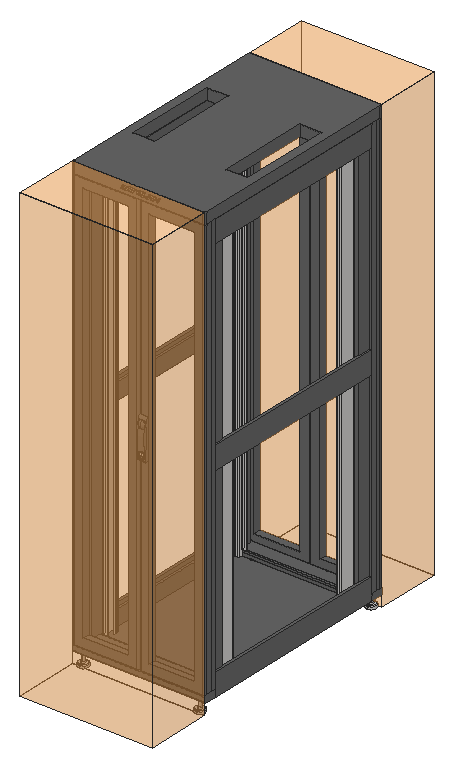
Revit family "Eurolan_Шкафы Rackcenter D9000", category Электрооборудование, Revit 2019 (continued)
Definition of nested family "GM_in_Комплект_НомераЮнитов_1-47"
  Definition of nested family "DC_K_ОтверстияОдинЮнит"
    Parameters (values of type "DC_K_ОтверстияОдинЮнит")
      НомерЮнита [instance] = 46
      ВысотаШкафа [instance] = НомерЮнита * 49.000 mm + 4.000 mm  # 2258.000 mm
      ТекстU = "U"  # constant formula
      ВысотаОблМаскировки [instance] = (47 - НомерЮнита) * 49.000 mm + 4.000 mm  # 53.000 mm
      LVS_Позиция [instance] = ""
      FMId = "ebce1bded30b400a846b670f38fee31f"  # constant formula
      BS_Обозначение = ""
      BS_Наименование = ""
      BS_Маркировка = ""
      BS_Изготовитель = ""
      BS_Единицы измерения = ""
      BS_Артикул = ""
    Reference planes
      plane 1 "x": y = 0
      plane 2: z = 0
      plane 3 "y": x = 0
      plane 4: x = 245
      plane 5: x = 490
    Lines and regions (mm)
      detail lines, in view "Опорный уровень"
        curve 1: line (7, 12.655, 0) -> (17, 12.655, 0)
        curve 2: line (7, 2.655, 0) -> (7, 12.655, 0)
        curve 3: line (17, 2.655, 0) -> (7, 2.655, 0)
        curve 4: line (17, 12.655, 0) -> (17, 2.655, 0)
        curve 5: line (7, 28.53, 0) -> (17, 28.53, 0)
        curve 6: line (7, 18.53, 0) -> (7, 28.53, 0)
        curve 7: line (17, 18.53, 0) -> (7, 18.53, 0)
        curve 8: line (17, 28.53, 0) -> (17, 18.53, 0)
        curve 9: line (7, 44.405, 0) -> (17, 44.405, 0)
        curve 10: line (7, 34.405, 0) -> (7, 44.405, 0)
        curve 11: line (17, 34.405, 0) -> (7, 34.405, 0)
        curve 12: line (17, 44.405, 0) -> (17, 34.405, 0)
        curve 13: line (483, 12.655, 0) -> (473, 12.655, 0)
        curve 14: line (483, 2.655, 0) -> (483, 12.655, 0)
        curve 15: line (473, 2.655, 0) -> (483, 2.655, 0)
        curve 16: line (473, 12.655, 0) -> (473, 2.655, 0)
        curve 17: line (483, 28.53, 0) -> (473, 28.53, 0)
        curve 18: line (483, 18.53, 0) -> (483, 28.53, 0)
        curve 19: line (473, 18.53, 0) -> (483, 18.53, 0)
        curve 20: line (473, 28.53, 0) -> (473, 18.53, 0)
        curve 21: line (483, 44.405, 0) -> (473, 44.405, 0)
        curve 22: line (483, 34.405, 0) -> (483, 44.405, 0)
        curve 23: line (473, 34.405, 0) -> (483, 34.405, 0)
        curve 24: line (473, 44.405, 0) -> (473, 34.405, 0)
        curve 25: line (12, 34.405, 0) -> (12, 44.405, 0)
        curve 26: line (7, 39.405, 0) -> (17, 39.405, 0)
        curve 27: line (12, 12.655, 0) -> (12, 2.655, 0)
        curve 28: line (7, 7.655, 0) -> (17, 7.655, 0)
        curve 29: line (7, 23.53, 0) -> (17, 23.53, 0)
        curve 30: line (478, 34.405, 0) -> (478, 44.405, 0)
        curve 31: line (473, 39.405, 0) -> (483, 39.405, 0)
        curve 32: line (478, 12.655, 0) -> (478, 2.655, 0)
        curve 33: line (473, 7.655, 0) -> (483, 7.655, 0)
        curve 34: line (473, 23.53, 0) -> (483, 23.53, 0)
    Dimensions and locks
      equal spacing: plane 3 "y", plane 4, plane 5
      plane 1 "x" to curve 3 = 2.655 mm
      curve 25 to curve 30 = 466.000 mm
    Automatic sketch dimensions
      plane 3 "y" to curve 1 = 7.000 mm
      plane 3 "y" to curve 10 = 7.000 mm
      curve 5 to curve 10 = 0.000 mm
      curve 6 to curve 8 = 10.000 mm
      curve 1 to curve 7 = 0.000 mm
      curve 16 to plane 1 "x" = 2.655 mm
      curve 16 to plane 5 = 17.000 mm
      curve 19 to curve 13 = 0.000 mm
      curve 21 to curve 17 = 0.000 mm
      curve 18 to plane 5 = 7.000 mm
      curve 14 to curve 18 = 0.000 mm
      curve 21 to plane 5 = 7.000 mm
      curve 15 to curve 16 = 10.000 mm
      curve 3 to curve 1 = 10.000 mm
      curve 13 to curve 19 = 5.875 mm
      curve 1 to curve 6 = 5.875 mm
      curve 18 to curve 18 = 10.000 mm
      curve 6 to curve 6 = 10.000 mm
      curve 17 to curve 23 = 5.875 mm
      curve 5 to curve 12 = 5.875 mm
      curve 23 to curve 21 = 10.000 mm
      curve 10 to curve 10 = 10.000 mm
      curve 27 to curve 1 = 5.000 mm
      curve 25 to curve 9 = 5.000 mm
      curve 32 to curve 13 = 5.000 mm
      curve 30 to curve 21 = 5.000 mm
      curve 14 to curve 33 = 5.000 mm
      curve 2 to curve 28 = 5.000 mm
      curve 34 to curve 17 = 5.000 mm
      curve 29 to curve 5 = 5.000 mm
      curve 22 to curve 31 = 5.000 mm
      curve 26 to curve 9 = 5.000 mm
  Definition of nested family "GM_in_Номер_Юнита"
    Parameters (values of type "GM_in_Номер_Юнита")
      номер_2значный [instance] = no
      Default Elevation = 1219.200 mm
      НомерЮнита_Текст [instance] = "4"
      dx_Текст [instance] = if(номер_2значный, 25.400 mm, 10.000 mm)  # 10.000 mm
    Reference planes
      plane 1 "По центру (Вперед/Назад)": y = 0
      plane 2: z = 0
      plane 3 "По центру (Влево/Вправо)": x = 0
      plane 4 "dx": x = 10
    Forms (mm)
      Extrusion 1, solid
        sketch origin (0, 0, 0) x (1, 0, 0) y (0, 1, 0)
          loop
            line (-50, 25) -> (-50, -25) -> (10, -25) -> (10, 25) -> (-50, 25)
        from 0 to -5
    Lines and regions (mm)
      model lines
        curve 1: line (0, -8, 0) -> (0, -10, 0)
        curve 2: line (15.4, -8, 0) -> (15.4, -10, 0)
        curve 3: line (-15.4, -8, 0) -> (-15.4, -10, 0)
        curve 4: line (0, -8, 0) -> (0, -10, 0)
    Dimensions and locks
      plane 3 "По центру (Влево/Вправо)" to plane 4 "dx" = 10.000 mm
      "dx_Текст": curve 1 to plane 4 "dx"
      aligned and locked: plane 2 to Extrusion 1
      aligned and locked: level to Extrusion 1
    Automatic sketch dimensions
      Extrusion 1 sketch curve to Extrusion 1 sketch curve = 60.000 mm
      Extrusion 1 sketch curve to Extrusion 1 sketch curve = 50.000 mm
Types (33, lengths in mm): name | число_передняя дверь | выбор_передняя дверь | Глубина зоны обслуживания_Спереди | Глубина зоны обслуживания_Сзади | Боковые панели | ADSK_Размер_Ширина | ADSK_Размер_Глубина | ADSK_Размер_Высота | ADSK_Наименование | ADSK_Масса | ADSK_Код изделия | 48U
  (no name) | 2 | in_Дверь_перфорированная_двойная : in_Дверь_перфорированная_двойная | 300.000 | 300.000 | no | 600.000 | 1000.000 | 2044.000 | "19\" шкаф Rackcenter D9000, 42U 600 × 1000 мм, передняя дверь перфорированная двустворчатая, задняя дверь перфорированная двустворчатая, без боковых стенок, черный" | 112.2 | "60F-42-6A-97BL" | no
  42U_600×1000_60F-42-6A-94BL_19" шкаф Rackcenter D9000_передняя дверь одностворчатая, задняя дверь двустворчатая | 1 | in_Дверь_перфорированная_одинарная : in_Дверь_перфорированная_одинарная | 600.000 | 300.000 | yes | 600.000 | 1000.000 | 2044.000 | "19\" шкаф Rackcenter D9000, 42U 600 × 1000 мм, передняя дверь перфорированная одностворчатая, задняя дверь перфорированная двустворчатая, черный" | 140 | "60F-42-6A-94BL" | no
  42U_600×1000_60F-42-6A-95BL_19" шкаф Rackcenter D9000_передняя дверь двустворчатая, задняя дверь двустворчатая | 2 | in_Дверь_перфорированная_двойная : in_Дверь_перфорированная_двойная | 300.000 | 300.000 | yes | 600.000 | 1000.000 | 2044.000 | "19\" шкаф Rackcenter D9000, 42U 600 × 1000 мм, передняя дверь перфорированная двустворчатая, задняя дверь перфорированная двустворчатая,черный" | 140 | "60F-42-6A-95BL" | no
  42U_600×1000_60F-42-6A-96BL_19" шкаф Rackcenter D9000_передняя дверь одностворчатая, задняя дверь двустворчатая_без боковых стенок | 1 | in_Дверь_перфорированная_одинарная : in_Дверь_перфорированная_одинарная | 600.000 | 300.000 | no | 600.000 | 1000.000 | 2044.000 | "19\" шкаф Rackcenter D9000, 42U 600 × 1000 мм, передняя дверь перфорированная одностворчатая, задняя дверь перфорированная двустворчатая, без боковых стенок, черный" | 112.2 | "60F-42-6A-96BL" | no
  42U_600×1000_60F-42-6A-97BL_19" шкаф Rackcenter D9000_передняя дверь двустворчатая, задняя дверь двустворчатая_без боковых стенок | 2 | in_Дверь_перфорированная_двойная : in_Дверь_перфорированная_двойная | 300.000 | 300.000 | no | 600.000 | 1000.000 | 2044.000 | "19\" шкаф Rackcenter D9000, 42U 600 × 1000 мм, передняя дверь перфорированная двустворчатая, задняя дверь перфорированная двустворчатая, без боковых стенок, черный" | 112.2 | "60F-42-6A-97BL" | no
  42U_600×1200_60F-42-6C-94BL_19" шкаф Rackcenter D9000_передняя дверь одностворчатая, задняя дверь двустворчатая | 1 | in_Дверь_перфорированная_одинарная : in_Дверь_перфорированная_одинарная | 600.000 | 300.000 | yes | 600.000 | 1200.000 | 2044.000 | "19\" шкаф Rackcenter D9000, 42U 600 × 1200 мм, передняя дверь перфорированная одностворчатая, задняя дверь перфорированная двустворчатая, черный" | 160 | "60F-42-6C-94BL" | no
  42U_600×1200_60F-42-6C-95BL_19" шкаф Rackcenter D9000_передняя дверь двустворчатая, задняя дверь двустворчатая | 2 | in_Дверь_перфорированная_двойная : in_Дверь_перфорированная_двойная | 300.000 | 300.000 | yes | 600.000 | 1200.000 | 2044.000 | "19\" шкаф Rackcenter D9000, 42U 600 × 1200 мм, передняя дверь перфорированная двустворчатая, задняя дверь перфорированная двустворчатая,черный" | 160 | "60F-42-6C-95BL" | no
  42U_600×1200_60F-42-6C-96BL_19" шкаф Rackcenter D9000_передняя дверь одностворчатая, задняя дверь двустворчатая_без боковых стенок | 1 | in_Дверь_перфорированная_одинарная : in_Дверь_перфорированная_одинарная | 600.000 | 300.000 | no | 600.000 | 1200.000 | 2044.000 | "19\" шкаф Rackcenter D9000, 42U 600 × 1200 мм, передняя дверь перфорированная одностворчатая, задняя дверь перфорированная двустворчатая, без боковых стенок, черный" | 127.4 | "60F-42-6C-96BL" | no
  42U_600×1200_60F-42-6C-97BL_19" шкаф Rackcenter D9000_передняя дверь двустворчатая, задняя дверь двустворчатая_без боковых стенок | 2 | in_Дверь_перфорированная_двойная : in_Дверь_перфорированная_двойная | 300.000 | 300.000 | no | 600.000 | 1200.000 | 2044.000 | "19\" шкаф Rackcenter D9000, 42U 600 × 1200 мм, передняя дверь перфорированная двустворчатая, задняя дверь перфорированная двустворчатая, без боковых стенок, черный" | 127.4 | "60F-42-6C-97BL" | no
  42U_750×1000_60F-42-7A-94BL_19" шкаф Rackcenter D9000_передняя дверь одностворчатая, задняя дверь двустворчатая | 1 | in_Дверь_перфорированная_одинарная : in_Дверь_перфорированная_одинарная | 750.000 | 375.000 | yes | 750.000 | 1000.000 | 2044.000 | "19\" шкаф Rackcenter D9000, 42U 750 × 1000 мм, передняя дверь перфорированная одностворчатая, задняя дверь перфорированная двустворчатая, черный" | 180 | "60F-42-7A-94BL" | no
  42U_750×1000_60F-42-7A-95BL_19" шкаф Rackcenter D9000_передняя дверь двустворчатая, задняя дверь двустворчатая | 2 | in_Дверь_перфорированная_двойная : in_Дверь_перфорированная_двойная | 375.000 | 375.000 | yes | 750.000 | 1000.000 | 2044.000 | "19\" шкаф Rackcenter D9000, 42U 750 × 1000 мм, передняя дверь перфорированная двустворчатая, задняя дверь перфорированная двустворчатая,черный" | 180 | "60F-42-7A-95BL" | no
  42U_750×1000_60F-42-7A-96BL_19" шкаф Rackcenter D9000_передняя дверь одностворчатая, задняя дверь двустворчатая_без боковых стенок | 1 | in_Дверь_перфорированная_одинарная : in_Дверь_перфорированная_одинарная | 750.000 | 375.000 | no | 750.000 | 1000.000 | 2044.000 | "19\" шкаф Rackcenter D9000, 42U 750 × 1000 мм, передняя дверь перфорированная одностворчатая, задняя дверь перфорированная двустворчатая, без боковых стенок, черный" | 152.2 | "60F-42-7A-96BL" | no
  42U_750×1000_60F-42-7A-97BL_19" шкаф Rackcenter D9000_передняя дверь двустворчатая, задняя дверь двустворчатая_без боковых стенок | 2 | in_Дверь_перфорированная_двойная : in_Дверь_перфорированная_двойная | 375.000 | 375.000 | no | 750.000 | 1000.000 | 2044.000 | "19\" шкаф Rackcenter D9000, 42U 750 × 1000 мм, передняя дверь перфорированная двустворчатая, задняя дверь перфорированная двустворчатая, без боковых стенок, черный" | 152.2 | "60F-42-7A-97BL" | no
  42U_750×1200_60F-42-7C-94BL_19" шкаф Rackcenter D9000_передняя дверь одностворчатая, задняя дверь двустворчатая | 1 | in_Дверь_перфорированная_одинарная : in_Дверь_перфорированная_одинарная | 750.000 | 375.000 | yes | 750.000 | 1200.000 | 2044.000 | "19\" шкаф Rackcenter D9000, 42U 750 × 1200 мм, передняя дверь перфорированная одностворчатая, задняя дверь перфорированная двустворчатая, черный" | 185 | "60F-42-7C-94BL" | no
  42U_750×1200_60F-42-7C-95BL_19" шкаф Rackcenter D9000_передняя дверь двустворчатая, задняя дверь двустворчатая | 2 | in_Дверь_перфорированная_двойная : in_Дверь_перфорированная_двойная | 375.000 | 375.000 | yes | 750.000 | 1200.000 | 2044.000 | "19\" шкаф Rackcenter D9000, 42U 750 × 1200 мм, передняя дверь перфорированная двустворчатая, задняя дверь перфорированная двустворчатая,черный" | 185 | "60F-42-7C-95BL" | no
  42U_750×1200_60F-42-7C-96BL_19" шкаф Rackcenter D9000_передняя дверь одностворчатая, задняя дверь двустворчатая_без боковых стенок | 1 | in_Дверь_перфорированная_одинарная : in_Дверь_перфорированная_одинарная | 750.000 | 375.000 | no | 750.000 | 1200.000 | 2044.000 | "19\" шкаф Rackcenter D9000, 42U 750 × 1200 мм, передняя дверь перфорированная одностворчатая, задняя дверь перфорированная двустворчатая, без боковых стенок, черный" | 142.4 | "60F-42-7C-96BL" | no
  42U_750×1200_60F-42-7C-97BL_19" шкаф Rackcenter D9000_передняя дверь двустворчатая, задняя дверь двустворчатая_без боковых стенок | 2 | in_Дверь_перфорированная_двойная : in_Дверь_перфорированная_двойная | 375.000 | 375.000 | no | 750.000 | 1200.000 | 2044.000 | "19\" шкаф Rackcenter D9000, 42U 750 × 1200 мм, передняя дверь перфорированная двустворчатая, задняя дверь перфорированная двустворчатая, без боковых стенок, черный" | 142.4 | "60F-42-7C-97BL" | no
  48U_750×1200_60F-48-7C-97BL_19" шкаф Rackcenter D9000_передняя дверь двустворчатая, задняя дверь двустворчатая_без боковых стенок | 2 | in_Дверь_перфорированная_двойная : in_Дверь_перфорированная_двойная | 375.000 | 375.000 | no | 750.000 | 1200.000 | 2320.000 | "19\" шкаф Rackcenter D9000, 48U 750 × 1200 мм, передняя дверь перфорированная двустворчатая, задняя дверь перфорированная двустворчатая, без боковых стенок, черный" | 173.8 | "60F-48-7C-97BL" | yes
  48U_600×1000_60F-48-6A-94BL_19" шкаф Rackcenter D9000_передняя дверь одностворчатая, задняя дверь двустворчатая | 1 | in_Дверь_перфорированная_одинарная : in_Дверь_перфорированная_одинарная | 600.000 | 300.000 | yes | 600.000 | 1000.000 | 2320.000 | "19\" шкаф Rackcenter D9000, 48U 600 × 1000 мм, передняя дверь перфорированная одностворчатая, задняя дверь перфорированная двустворчатая, черный" | 165 | "60F-48-6A-94BL" | yes
  48U_600×1000_60F-48-6A-95BL_19" шкаф Rackcenter D9000_передняя дверь двустворчатая, задняя дверь двустворчатая | 2 | in_Дверь_перфорированная_двойная : in_Дверь_перфорированная_двойная | 300.000 | 300.000 | yes | 600.000 | 1000.000 | 2320.000 | "19\" шкаф Rackcenter D9000, 48U 600 × 1000 мм, передняя дверь перфорированная двустворчатая, задняя дверь перфорированная двустворчатая,черный" | 165 | "60F-48-6A-95BL" | yes
  48U_750×1000_60F-48-7A-97BL_19" шкаф Rackcenter D9000_передняя дверь двустворчатая, задняя дверь двустворчатая_без боковых стенок | 2 | in_Дверь_перфорированная_двойная : in_Дверь_перфорированная_двойная | 375.000 | 375.000 | no | 750.000 | 1000.000 | 2320.000 | "19\" шкаф Rackcenter D9000, 48U 750 × 1000 мм, передняя дверь перфорированная двустворчатая, задняя дверь перфорированная двустворчатая, без боковых стенок, черный" | 173.2 | "60F-48-7A-97BL" | yes
  48U_600×1000_60F-48-6A-97BL_19" шкаф Rackcenter D9000_передняя дверь двустворчатая, задняя дверь двустворчатая_без боковых стенок | 2 | in_Дверь_перфорированная_двойная : in_Дверь_перфорированная_двойная | 300.000 | 300.000 | no | 600.000 | 1000.000 | 2320.000 | "19\" шкаф Rackcenter D9000, 48U 600 × 1000 мм, передняя дверь перфорированная двустворчатая, задняя дверь перфорированная двустворчатая, без боковых стенок, черный" | 133.2 | "60F-48-6A-97BL" | yes
  48U_750×1000_60F-48-7A-94BL_19" шкаф Rackcenter D9000_передняя дверь одностворчатая, задняя дверь двустворчатая | 0 | in_Дверь_перфорированная_одинарная : in_Дверь_перфорированная_одинарная | 750.000 | 375.000 | yes | 750.000 | 1000.000 | 2320.000 | "19\" шкаф Rackcenter D9000, 48U 750 × 1000 мм, передняя дверь перфорированная одностворчатая, задняя дверь перфорированная двустворчатая, черный" | 205 | "60F-48-7A-94BL" | yes
  48U_750×1200_60F-48-7C-95BL_19" шкаф Rackcenter D9000_передняя дверь двустворчатая, задняя дверь двустворчатая | 2 | in_Дверь_перфорированная_двойная : in_Дверь_перфорированная_двойная | 375.000 | 375.000 | yes | 750.000 | 1200.000 | 2320.000 | "19\" шкаф Rackcenter D9000, 48U 750 × 1200 мм, передняя дверь перфорированная двустворчатая, задняя дверь перфорированная двустворчатая,черный" | 210 | "60F-48-7C-95BL" | yes
  48U_600×1200_60F-48-6C-95BL_19" шкаф Rackcenter D9000_передняя дверь двустворчатая, задняя дверь двустворчатая | 2 | in_Дверь_перфорированная_двойная : in_Дверь_перфорированная_двойная | 300.000 | 300.000 | yes | 600.000 | 1200.000 | 2320.000 | "19\" шкаф Rackcenter D9000, 48U 600 × 1200 мм, передняя дверь перфорированная двустворчатая, задняя дверь перфорированная двустворчатая,черный" | 185 | "60F-48-6C-95BL" | yes
  48U_600×1000_60F-48-6A-96BL_19" шкаф Rackcenter D9000_передняя дверь одностворчатая, задняя дверь двустворчатая_без боковых стенок | 0 | in_Дверь_перфорированная_одинарная : in_Дверь_перфорированная_одинарная | 600.000 | 300.000 | no | 600.000 | 1000.000 | 2320.000 | "19\" шкаф Rackcenter D9000, 48U 600 × 1000 мм, передняя дверь перфорированная одностворчатая, задняя дверь перфорированная двустворчатая, без боковых стенок, черный" | 133.2 | "60F-48-6A-96BL" | yes
  48U_600×1200_60F-48-6C-96BL_19" шкаф Rackcenter D9000_передняя дверь одностворчатая, задняя дверь двустворчатая_без боковых стенок | 0 | in_Дверь_перфорированная_одинарная : in_Дверь_перфорированная_одинарная | 600.000 | 300.000 | no | 600.000 | 1200.000 | 2320.000 | "19\" шкаф Rackcenter D9000, 48U 600 × 1200 мм, передняя дверь перфорированная одностворчатая, задняя дверь перфорированная двустворчатая, без боковых стенок, черный" | 148.8 | "60F-48-6C-96BL" | yes
  48U_600×1200_60F-48-6C-94BL_19" шкаф Rackcenter D9000_передняя дверь одностворчатая, задняя дверь двустворчатая | 0 | in_Дверь_перфорированная_одинарная : in_Дверь_перфорированная_одинарная | 600.000 | 300.000 | yes | 600.000 | 1200.000 | 2320.000 | "19\" шкаф Rackcenter D9000, 48U 600 × 1200 мм, передняя дверь перфорированная одностворчатая, задняя дверь перфорированная двустворчатая, черный" | 185 | "60F-48-6C-94BL" | yes
  48U_600×1200_60F-48-6C-97BL_19" шкаф Rackcenter D9000_передняя дверь двустворчатая, задняя дверь двустворчатая_без боковых стенок | 2 | in_Дверь_перфорированная_двойная : in_Дверь_перфорированная_двойная | 300.000 | 300.000 | no | 600.000 | 1200.000 | 2320.000 | "19\" шкаф Rackcenter D9000, 48U 600 × 1200 мм, передняя дверь перфорированная двустворчатая, задняя дверь перфорированная двустворчатая, без боковых стенок, черный" | 148.8 | "60F-48-6C-97BL" | yes
  48U_750×1000_60F-48-7A-96BL_19" шкаф Rackcenter D9000_передняя дверь одностворчатая, задняя дверь двустворчатая_без боковых стенок | 0 | in_Дверь_перфорированная_одинарная : in_Дверь_перфорированная_одинарная | 750.000 | 375.000 | no | 750.000 | 1000.000 | 2320.000 | "19\" шкаф Rackcenter D9000, 48U 750 × 1000 мм, передняя дверь перфорированная одностворчатая, задняя дверь перфорированная двустворчатая, без боковых стенок, черный" | 173.2 | "60F-48-7A-96BL" | yes
  48U_750×1000_60F-48-7A-95BL_19" шкаф Rackcenter D9000_передняя дверь двустворчатая, задняя дверь двустворчатая | 2 | in_Дверь_перфорированная_двойная : in_Дверь_перфорированная_двойная | 375.000 | 375.000 | yes | 750.000 | 1000.000 | 2320.000 | "19\" шкаф Rackcenter D9000, 48U 750 × 1000 мм, передняя дверь перфорированная двустворчатая, задняя дверь перфорированная двустворчатая,черный" | 205 | "60F-48-7A-95BL" | yes
  48U_750×1200_60F-48-7C-96BL_19" шкаф Rackcenter D9000_передняя дверь одностворчатая, задняя дверь двустворчатая_без боковых стенок | 0 | in_Дверь_перфорированная_одинарная : in_Дверь_перфорированная_одинарная | 750.000 | 375.000 | no | 750.000 | 1200.000 | 2320.000 | "19\" шкаф Rackcenter D9000, 48U 750 × 1200 мм, передняя дверь перфорированная одностворчатая, задняя дверь перфорированная двустворчатая, без боковых стенок, черный" | 173.8 | "60F-48-7C-96BL" | yes
  48U_750×1200_60F-48-7C-94BL_19" шкаф Rackcenter D9000_передняя дверь одностворчатая, задняя дверь двустворчатая | 0 | in_Дверь_перфорированная_одинарная : in_Дверь_перфорированная_одинарная | 750.000 | 375.000 | yes | 750.000 | 1200.000 | 2320.000 | "19\" шкаф Rackcenter D9000, 48U 750 × 1200 мм, передняя дверь перфорированная одностворчатая, задняя дверь перфорированная двустворчатая, черный" | 210 | "60F-48-7C-94BL" | yes
